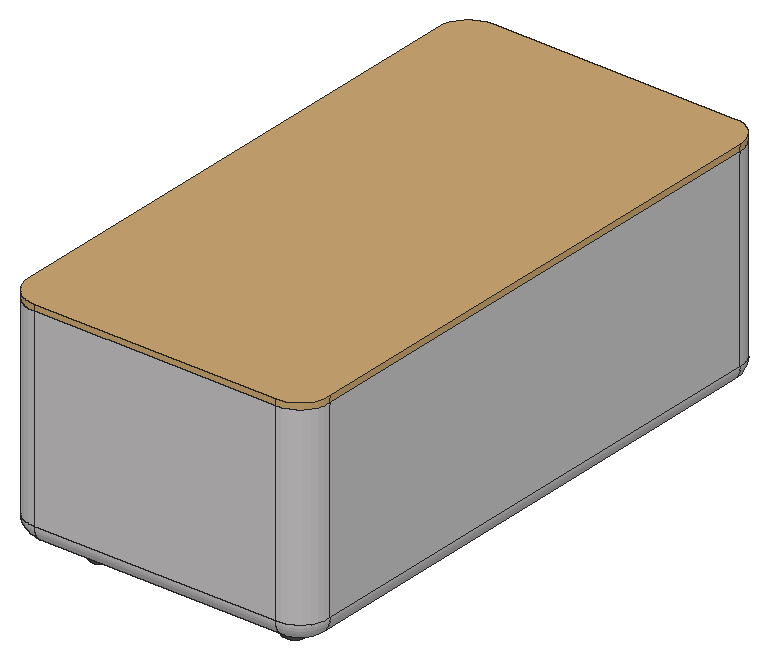
Revit family "FU_Chair_Sandler_ENTROPY_ENT0920RO", category Furniture, Revit 2020
Family settings
  OmniClass Number = 23.21.23.15.17
  Work Plane-Based = Yes
  Always vertical = No
  Cut with Voids When Loaded = No
  Shared = No
  Room Calculation Point = No
Parameters (values of type "ENTROPY ENT0920RO")
  Youtube clip = ""
  Width = 500.000 mm
  Uniformat II Description = "Movable Furnishings"
  Uniformat II Code = ""
  Uniclass 2015 Name = ""
  Uniclass 2015 Code = ""
  Uniclass 2.0 Description = ""
  Uniclass 2.0 Code = ""
  Uniclass 1.4 Description = ""
  Uniclass 1.4 Code = ""
  UNSPSC Code = ""
  Technical description = ""
  Seat Material = Leather - Gaja - 60005
  Frame Material = Steel - Frame - Black
  Region South America = "All"
  Region Oceania = "All"
  Region North America = "All"
  Region Middle East = "All"
  Region Europe = "All"
  Region Asia = "All"
  Region Antarctica = "All"
  Region Africa = "All"
  QR code = ""
  Product url = "https://www.sandlerseating.com/product/ent0920ro/"
  Product name = ""
  Product group = "Chair"
  Product family = "Furniture"
  Product data url = "https://www.sandlerseating.com/product/ent0920ro/"
  Product certification = ""
  Product SKU = ""
  Product Guid = ""
  OmniClass Description = ""
  OmniClass Code = "23-21 23 15 17"
  NBS Reference Description = ""
  NBS Reference Code = ""
  Model = "ENTROPY ENT0920RO"
  Masterformat 2014 Description = "Chair Mats"
  Masterformat 2014 Code = "12 48 43.13"
  Manufacturer name = "Sandler"
  Manufacturer country = "UK"
  Manufacturer = "Sandler"
  Installation instructions = ""
  IFC Classification = "Furnishing Element"
  GTIN code = ""
  Edition number = 1
  Design country = "UK"
  Description = "Chair"
  Depth = 950.000 mm
  Default Elevation = 0.000 mm
  Date of publishing = ""
  COBIe Type Category = ""
  Brand url = "https://www.sandlerseating.com/"
  BIMobject main category code = "furniture"
  BIMobject main category = "Furniture"
  BIMobject category code = "furniture-chair"
  BIMobject category = "Chair"
Reference planes
  plane 1 "Center Front/Back": y = 0
  plane 2: z = 0
  plane 3 "Center Left/Right": x = 0
  plane 4: y = 475
  plane 5: y = -475
  plane 6: x = -250
  plane 7: x = 250
  plane 8: z = 400
  plane 9: z = 40
  plane 10: x = -212.5
  plane 11: x = 212.5
  plane 12: y = -437.5
  plane 13: y = 437.5
  plane 14: z = 390
  plane 15: x = 240
  plane 16: z = 390
Forms (mm)
  Extrusion 1, solid, material "Leather - Gaja - 60005" <- "Seat Material"
    sketch origin (0, 0, 0) x (1, 0, 0) y (0, 1, 0)
      loop
        arc (-200, 475) -> (-235.355, 460.355) -> (-250, 425) r 50
        line (-250, 425) -> (-250, -425)
        arc (-250, -425) -> (-235.355, -460.355) -> (-200, -475) r 50
        line (-200, -475) -> (200, -475)
        arc (200, -475) -> (235.355, -460.355) -> (250, -425) r 50
        line (250, -425) -> (250, 425)
        arc (250, 425) -> (235.355, 460.355) -> (200, 475) r 50
        line (200, 475) -> (-200, 475)
    from 40 to 390
  Extrusion 2, solid, material "Steel - Frame - Black" <- "Frame Material"
    sketch origin (0, 0, 0) x (1, 0, 0) y (0, 1, 0)
      loop
        circle (-160, -385) r 20
      loop
        circle (160, -385) r 20
      loop
        circle (-160, 385) r 20
      loop
        circle (160, 385) r 20
    from 0 to 40
  Sweep 3, void
    path in 3D
      loop
        arc (250, -425, 40) -> (235.355, -460.355, 40) -> (200, -475, 40) r 50
        line (200, -475, 40) -> (-200, -475, 40)
        arc (-200, -475, 40) -> (-235.355, -460.355, 40) -> (-250, -425, 40) r 50
        line (-250, -425, 40) -> (-250, 425, 40)
        arc (-250, 425, 40) -> (-235.355, 460.355, 40) -> (-200, 475, 40) r 50
        line (-200, 475, 40) -> (200, 475, 40)
        arc (200, 475, 40) -> (235.355, 460.355, 40) -> (250, 425, 40) r 50
        line (250, 425, 40) -> (250, -425, 40)
    profile origin (250, 0, 40) x (-1, 0, 0) y (0, 0, -1)
      loop
        line (0, 0) -> (0, -30)
        arc (0, -30) -> (8.787, -8.787) -> (30, 0) r 30
        line (30, 0) -> (0, 0)
  Extrusion 4, solid, material "Wood - OAK - Natual OAK"
    sketch origin (0, 0, 0) x (1, 0, 0) y (0, 1, 0)
      loop
        arc (-200, 475) -> (-235.355, 460.355) -> (-250, 425) r 50
        line (-250, 425) -> (-250, -425)
        arc (-250, -425) -> (-235.355, -460.355) -> (-200, -475) r 50
        line (-200, -475) -> (200, -475)
        arc (200, -475) -> (235.355, -460.355) -> (250, -425) r 50
        line (250, -425) -> (250, 425)
        arc (250, 425) -> (235.355, 460.355) -> (200, 475) r 50
        line (200, 475) -> (-200, 475)
    from 390 to 400
Cuts and joins
  Sweep 3 cuts Extrusion 1
Lines and regions (mm)
  sketch lines
    curve 1: line (250, 425, 40) -> (250, -425, 40)
    curve 2: arc (250, 425, 40) -> (235.355, 460.355, 40) -> (200, 475, 40) r 50
    curve 3: line (-200, 475, 40) -> (200, 475, 40)
    curve 4: arc (-200, 475, 40) -> (-235.355, 460.355, 40) -> (-250, 425, 40) r 50
    curve 5: line (-250, -425, 40) -> (-250, 425, 40)
    curve 6: arc (-250, -425, 40) -> (-235.355, -460.355, 40) -> (-200, -475, 40) r 50
    curve 7: line (200, -475, 40) -> (-200, -475, 40)
    curve 8: arc (200, -475, 40) -> (235.355, -460.355, 40) -> (250, -425, 40) r 50
Dimensions and locks
  equal spacing: plane 4, plane 1 "Center Front/Back", plane 5
  "Depth": plane 4 to plane 5
  equal spacing: plane 6, plane 3 "Center Left/Right", plane 7
  "Width": plane 6 to plane 7
  locked: plane 11 to plane 7 at 37.5
  locked: plane 6 to plane 10 at 37.5
  locked: plane 4 to plane 13 at 37.5
  locked: plane 12 to plane 5 at 37.5
  plane 8 to level = 400.000 mm
  aligned and locked: level to plane 2
  aligned and locked: Extrusion 1 sketch curve to plane 4
  aligned and locked: plane 5 to Extrusion 1 sketch curve
  aligned and locked: Extrusion 1 sketch curve to plane 7
  aligned and locked: plane 4 to Extrusion 4
  aligned and locked: Extrusion 4 to plane 5
  aligned and locked: plane 7 to Extrusion 4
  aligned and locked: Extrusion 4 to plane 6
Automatic sketch dimensions
  Extrusion 1 sketch curve to plane 4 = 50.000 mm
  plane 10 to Extrusion 1 sketch curve = 12.500 mm  (x2)
  Extrusion 1 sketch curve to plane 11 = 12.500 mm  (x2)
  Extrusion 1 sketch curve to plane 6 = 0.000 mm
  plane 10 to Extrusion 2 sketch curve = 52.500 mm  (x2)
  Extrusion 2 sketch curve to plane 11 = 52.500 mm  (x2)
  plane 12 to Extrusion 2 sketch curve = 52.500 mm  (x2)
  Extrusion 2 sketch curve to plane 13 = 52.500 mm  (x2)
  Sweep 3 sketch curve to profile plane = 0.000 mm  (x2)
  Sweep 3 sketch curve to profile plane = 30.000 mm
  Extrusion 4 sketch curve to plane 6 = 0.000 mm
  Extrusion 4 sketch curve to plane 4 = 0.000 mm
  Extrusion 4 sketch curve to plane 5 = 0.000 mm
  Extrusion 4 sketch curve to plane 7 = 0.000 mm
  plane 10 to Extrusion 4 sketch curve = 12.500 mm  (x2)
  Extrusion 4 sketch curve to plane 11 = 12.500 mm  (x2)
  radius of Extrusion 2 sketch curve = 20.000 mm  (x4)
